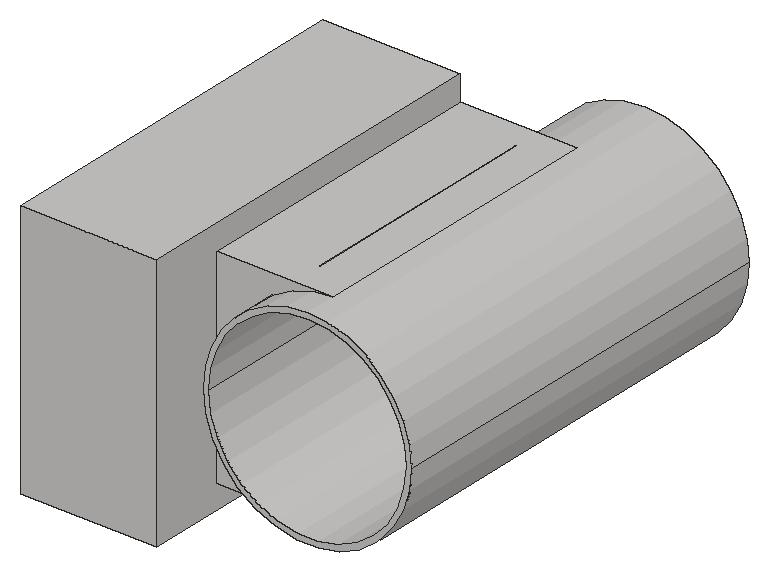
Revit family
Parameters
  Unit Weight = "21.0 lbs"
  URL = "http://www.titus-hvac.com/"
  Static Pressure [instance] = 0.00 in-wg
  Nominal Width = 1' - 5"
  Nominal Length = 1' - 10"
  Nominal Inlet Size = 0' - 10"
  Nominal Inlet Length = 1' - 8"
  Nominal Height = 1' - 0 1/4"
  Model = "DECV"
  Min. Air Flow = 0 CFM
  Max. Air Flow = 1400 CFM
  Material = Steel
  Manufacturer = "Titus"
  Inlet Radius = 0' - 4 15/16"
  Inlet Opening Radius = 0' - 4 11/16"
  Inlet Offset = 0' - 4"
  Inlet Extrusion Radius = 0' - 4 15/16"
  Inlet Diameter = 0' - 9 7/8"
  Inlet = Duct D / 2  # 0' - 4 15/16"
  Duct D = 0' - 9 7/8"
  Design Air Flow [instance] = 0 CFM
  Description = "Digital Control Terminal Unit, Retrofit, Variable Volume"
  Control Box Offset = 0' - 5 9/16"
  CADworks URL = "www.CADworks.net"
  Assembly Code = "D3040100"
Reference planes (in)
  plane 1 "Center (Front/Back)": y = 0
  plane 2: z = 0
  plane 3 "Center (Left/Right)": x = 0
  plane 4: x = -5.5625
  plane 5: y = 6
  plane 6: y = 10
  plane 7: y = -10
  plane 8: y = -10
  plane 9: z = 6.125
  plane 10: z = -6.125
  plane 11: x = -12.0625
  plane 12: x = 4.9375
  plane 13: y = -12
Forms (in)
  Extrusion 1, solid, material "Steel" <- "Material"
    sketch origin (0, 6, 0) x (-1, 0, 0) y (0, 0, -1)
      loop
        line (5.5625, -6.125) -> (12.0625, -6.125) -> (12.0625, 6.125) -> (5.5625, 6.125) -> (5.5625, -6.125)
    from 0 to 18
  Extrusion 2, solid, material "Steel" <- "Material"
    sketch origin (0, 10, 0) x (1, 0, 0) y (0, 0, 1)
      loop
        line (-5.5625, -4.9375) -> (0, -4.9375)
        arc (0, -4.9375) -> (-4.9375, 0) -> (0, 4.9375) r 4.9375
        line (0, 4.9375) -> (-5.5625, 4.9375) -> (-5.5625, -4.9375)
    from 4 to 18.5
  Extrusion 3, solid, material "Steel" <- "Material"
    sketch origin (0, -8.5, 0) x (1, 0, 0) y (0, 0, 1)
      loop
        circle (0, 0) r 4.9375
    from -18.5 to 1.5
  Extrusion 4, void
    sketch origin (0, -10, 0) x (-1, 0, 0) y (0, 0, 1)
      loop
        circle (0, 0) r 4.6875
    from 0 to 24
Cuts and joins
  Extrusion 4 cuts Extrusion 2
  Extrusion 4 cuts Extrusion 3
Dimensions and locks (in)
  locked: Extrusion 1 to Extrusion 1 at 18
  locked: Extrusion 3 sketch curve to level at 0
  locked: Extrusion 3 sketch curve to plane 3 "Center (Left/Right)" at 0
  "Control Box Offset": plane 3 "Center (Left/Right)" to Extrusion 1
  locked: Extrusion 1 sketch curve to Extrusion 1 sketch curve at 6.5
  locked: Extrusion 1 sketch curve to Extrusion 1 sketch curve at 12.25
  equal spacing: Extrusion 1 sketch curve, plane 2, Extrusion 1 sketch curve
  "Inlet Offset": plane 6 to plane 5
  locked: Extrusion 1 to plane 5 at 0
  "Inlet Diameter": Extrusion 2 sketch curve to Extrusion 2 sketch curve
  equal spacing: Extrusion 2 sketch curve, plane 2, Extrusion 2 sketch curve
  "Control Box Offset": plane 4 to plane 3 "Center (Left/Right)"
  "Inlet Offset": plane 6 to cut or joined group of Extrusion 2, Extrusion 4
  locked: cut or joined group of Extrusion 3, Extrusion 4 to plane 6 at 0
  "Nominal Inlet Length": cut or joined group of Extrusion 3, Extrusion 4 to cut or joined group of Extrusion 3, Extrusion 4
  equal spacing: cut or joined group of Extrusion 3, Extrusion 4, plane 1 "Center (Front/Back)", cut or joined group of Extrusion 3, Extrusion 4
  "Nominal Inlet Length": plane 7 to plane 6
  equal spacing: plane 7, plane 1 "Center (Front/Back)", plane 6
  locked: plane 7 to cut or joined group of Extrusion 2, Extrusion 4 at 1.5
  locked: plane 8 to plane 6 at 20
  locked: plane 9 to plane 10 at 12.25
  "Inlet Radius": radius of Extrusion 3 sketch curve
  "Inlet Extrusion Radius": radius of Extrusion 2 sketch curve
  "Inlet Opening Radius": radius of Extrusion 4 sketch curve
  aligned and locked: plane 3 "Center (Left/Right)" to connector elem
  aligned and locked: connector elem to plane 3 "Center (Left/Right)"
  aligned and locked: cut or joined group of Extrusion 2, Extrusion 4 to Extrusion 1  (x2)
  aligned and locked: plane 3 "Center (Left/Right)" to Extrusion 2 sketch curve
  aligned and locked: plane 4 to Extrusion 1
Automatic sketch dimensions
  plane 4 to Extrusion 1 sketch curve = 0' - 0"
  Extrusion 2 sketch curve to plane 4 = 0' - 0"
Connectors (in)
  hvac at (0, -10, 0), driven by "Design Air Flow", driven by "Inlet", driven by "Static Pressure"
    settings: on cut or joined group of Extrusion 3, Extrusion 4, index 1
  hvac at (0, 10, 0), driven by "Static Pressure", driven by "Design Air Flow", driven by "Inlet"
    settings: on cut or joined group of Extrusion 3, Extrusion 4, index 2
